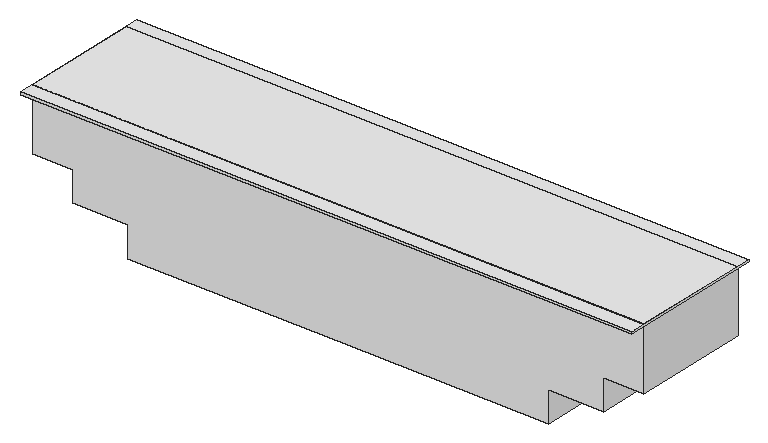
Revit family "Lighting-Linear-Acclaim-Terra", category Lighting Fixtures, host Face, Revit 2020
Family settings
  Host = Face
  Round Connector Dimension = Use Diameter
  Part Type = Normal
  Cut with Voids When Loaded = No
  Light Source = Yes
  Shared = No
  Room Calculation Point = No
Parameters (values of type "305mm")
  Width = 73.00 mm
  Wattage = 9.2903 W
  built-in parameter 1150110 = 1 (stored number, unit not read)
  Voltage = 0 V
  URL = "http://www.acclaimlighting.com/"
  built-in parameter 1114217 = 1 (stored number, unit not read)
  Tilt Angle = -90.00°
  built-in parameter 1150109 = 1 (stored number, unit not read)
  built-in parameter 1150134 = 3
  built-in parameter 1150113 = 1 (stored number, unit not read)
  Power Factor = 1
  Photometric Web File = "Load File"
  Number of Poles = 1
  built-in parameter 1150142 = (empty or 0)
  Model = "Terra"
  Manufacturer = "Acclaim Lighting"
  built-in parameter 1150105 = 109.82 (stored number, unit not read)
  Lumens = 1380 lm
  built-in parameter 1150115 = 1 (stored number, unit not read)
  built-in parameter 1150137 = (empty or 0)
  built-in parameter 1150139 = (empty or 0)
  Length = 305.00 mm
  built-in parameter 1150112 = 1 (stored number, unit not read)
  built-in parameter 1150114 = 1 (stored number, unit not read)
  Lamp = "LED"
  built-in parameter 1150132 = (empty or 0)
  built-in parameter 1150102 = (empty or 0)
  built-in parameter 1150107 = 3200 (stored number, unit not read)
  built-in parameter 1150138 = (empty or 0)
  built-in parameter 1150106 = 1.0982 (stored number, unit not read)
  Housing Finish = Aluminum
  Emit from Line Length = 609.60 mm
  built-in parameter 1150104 = 13.8 (stored number, unit not read)
  Dimming Lamp Color Temperature Shift = <None>
  Description = "Linear"
  Default Elevation = 1219.20 mm
  Color Filter = 16777215
  built-in parameter 1114218 = 1 (stored number, unit not read)
  built-in parameter 1150133 = 10 (stored number, unit not read)
  Apparent Load = 0 VA
Types (3, lengths in mm): name | Length
  (no name) | 305.00
  305mm | 305.00
  1220mm | 1220.00
Reference planes
  plane 1 "Center (Front/Back)": y = 0
  plane 2: z = 0
  plane 3 "Center (Left/Right)": x = 0
  plane 4: x = 0
  plane 5: x = -152.5
  plane 6: x = 152.5
  plane 7: y = 36.5
  plane 8: y = -36.5
Forms (mm)
  Extrusion 1, solid, material "Aluminum"
    sketch origin (0, 0, 0) x (1, 0, 0) y (0, 0, 1)
      loop
        line (-152.5, 1.098) -> (-152.5, -30) -> (-132.5, -30) -> (-132.5, -45) -> (-105, -45) -> (-105, -60) -> (0, -60) -> (105, -60) -> (105, -45) -> (132.5, -45) -> (132.5, -30) -> (152.5, -30) -> (152.5, 1.098) -> (-152.5, 1.098)
    from -29.65 to 28.872
  Extrusion 2, void
    sketch origin (0, 0, 0) x (1, 0, 0) y (0, 1, 0)
      loop
        line (-152.5, 29.65) -> (-152.5, -28.232) -> (152.5, -28.232) -> (152.5, 29.65) -> (-152.5, 29.65)
    from -34.861 to 80.529
  Extrusion 3, solid, material "Aluminum"
    sketch origin (0, 0, 0) x (1, 0, 0) y (0, 1, 0)
      loop
        line (-152.5, 36.5) -> (-152.5, -36.5) -> (152.5, -36.5) -> (152.5, 36.5) -> (-152.5, 36.5)
    from 0 to 1.098
Dimensions and locks
  equal spacing: plane 5, plane 4, plane 6
  "Length": plane 5 to plane 6
  equal spacing: plane 7, plane 1 "Center (Front/Back)", plane 8
  "Width": plane 7 to plane 8
  aligned and locked: plane 2 to host face
  aligned and locked: level to host face
  aligned and locked: Extrusion 2 sketch curve to Extrusion 1  (x2)
  aligned and locked: Extrusion 2 sketch curve to plane 6
  aligned and locked: plane 5 to Extrusion 3 sketch curve
  aligned and locked: Extrusion 3 sketch curve to plane 6
  aligned and locked: Extrusion 3 sketch curve to plane 7
  aligned and locked: plane 8 to Extrusion 3 sketch curve
  aligned and locked: plane 4 to imposter light
  aligned and locked: imposter light to plane 1 "Center (Front/Back)"
  aligned and locked: imposter light to Extrusion 3
Automatic sketch dimensions
  host sketch curve to host sketch curve = 2438.40 mm  (x2)
  Extrusion 1 sketch curve to plane 5 = 0.00 mm
  Extrusion 1 sketch curve to plane 3 "Center (Left/Right)" = 0.00 mm
  Extrusion 1 sketch curve to plane 6 = 0.00 mm
  level to Extrusion 1 sketch curve = 1.098 mm
  plane 5 to Extrusion 1 sketch curve = 20.00 mm
  Extrusion 1 sketch curve to Extrusion 1 sketch curve = 27.50 mm
  Extrusion 1 sketch curve to plane 6 = 47.50 mm
  Extrusion 1 sketch curve to plane 6 = 20.00 mm
  Extrusion 1 sketch curve to level = 30.00 mm  (x2)
  Extrusion 1 sketch curve to Extrusion 1 sketch curve = 15.00 mm  (x3)
  plane 8 to Extrusion 2 sketch curve = 8.268 mm
Connectors
  electrical at (132.5, 0.389, -37.5), driven by "Number of Poles", driven by "Voltage", driven by "Apparent Load", driven by "Power Factor"
    settings: on Extrusion 1, index 1, voltage 0 V, apparent load 0 VA, apparent load phase1 0 VA, apparent load phase2 0 VA, apparent load phase3 0 VA, power factor 1, load classification "Other", number of poles 1, system type 31, power factor state 1, is connector primary yes, connector utility no, sub classification motor no, connector description ""
